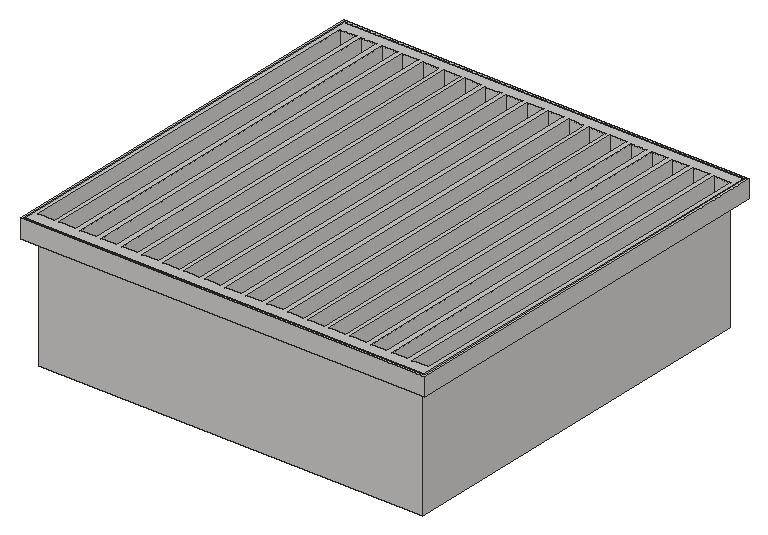
Revit family "Plumbing_Drainage-Zurn-Z1761_Kettle-Drain", category Plumbing Fixtures, Revit 2022
Family settings
  Round Connector Dimension = Use Radius
  Part Type = Normal
  OmniClass Number = 23.45.55.21
  OmniClass Title = Drains (Wastes)
  Work Plane-Based = No
  Always vertical = Yes
  Cut with Voids When Loaded = No
  Maintain Annotation Orientation = No
  Shared = No
  Room Calculation Point = No
Parameters (values of type "Load Family Type Catalog")
  x = 24.33071"
  Waste Connection = 1 = 1  # yes
  WFU = 1  # constant formula
  Vent Connection = 1 = 0  # no
  URL = "www.zurn.com"
  Type Comments = "ZS1761 8 Inch No-Hub Outlet"
  Product data URL = "https://www.bimobject.com/en-in/zurnindustries/product/zurn-z1761"
  Product Page URL = "https://www.zurn.com/products/drainage-interceptors/stainless-drains/stainless-kettle-drains/z1761"
  Product Documentation Link = "https://files.zurn.com/spec-sheets/67168.pdf"
  Pipe Size A (Actual Radius) = 4.313"
  Modified Date = "09/02/2025"  # constant formula
  Model = "Z1761"  # constant formula
  Manufacturer Brand = "Zurn"  # constant formula
  Manufacturer = "Zurn Water, LLC"  # constant formula
  Main Material = Steel - Zurn - Stainless - A.R.E Coated - Type - 304
  HWFU = 0  # constant formula
  HW Connection = 1 = 0  # no
  Grate Open Area = 0.000"
  Grate Material = Steel - Zurn - Stainless - Type - 304
  Description = "24 5/16  [618] SQUARE KETTLE DRAIN W/ 8 [203] SUMP DEPTH"  # constant formula
  Default Elevation = 0.000"
  Date Created = "09/02/2025"  # constant formula
  CWFU = 0  # constant formula
  CW Connection = 1 = 0  # no
  C = 24.01575"
  Assembly Code = "D2030300"
  Approx. Wt. Lbs = 72.000"
  Pipe Size A (Nominal Radius) = [Pipe Size A (Diameter)] / 2  # 4.000"
  Pipe Size A (Diameter) = 8.000"
Reference planes (in)
  plane 1 "Center (Front/Back)": y = 0
  plane 2: z = 0
  plane 3 "Center (Left/Right)": x = 0
  plane 4: x = 12.17188
  plane 5: x = -12.17187
  plane 6: x = 12
  plane 7: x = -12
  plane 8: y = 12.17
  plane 9: y = -12.17
  plane 10: y = -12
  plane 11: y = 12
  plane 12: z = -8
  plane 13: z = -10
  plane 14: z = -1.10937
  plane 15: y = -4
  plane 16: y = 4
  plane 17: x = -4.313
  plane 18: x = 4.313
Forms (in)
  Extrusion 1, solid, material "Steel - Zurn - Stainless - A.R.E Coated - Type - 304" <- "Main Material", detail levels fine
    sketch origin (0, 0, 0) x (1, 0, 0) y (0, 1, 0)
      loop
        line (-12.17187, 12.16535) -> (-12.17187, -12.16535) -> (12.17187, -12.16535) -> (12.17187, 12.16535) -> (-12.17187, 12.16535)
      loop
        line (-12.04724, 12.0426) -> (-12.04724, -12.0426) -> (12.04724, -12.0426) -> (12.04724, 12.0426) -> (-12.04724, 12.0426)
    from -1.10937 to 0
  Extrusion 2, solid, material "Steel - Zurn - Stainless - A.R.E Coated - Type - 304" <- "Main Material", detail levels fine
    sketch origin (0, 0, 0) x (1, 0, 0) y (0, 1, 0)
      loop
        line (-12.17187, 12.16535) -> (-12.17187, -12.16535) -> (12.17187, -12.16535) -> (12.17187, 12.16535) -> (-12.17187, 12.16535)
      loop
        line (-11.3451, 11.34787) -> (-11.3451, -11.34787) -> (11.3451, -11.34787) -> (11.3451, 11.34787) -> (-11.3451, 11.34787)
    from -1.10937 to -1.0303
  Extrusion 3, solid, material "Steel - Zurn - Stainless - A.R.E Coated - Type - 304" <- "Main Material", detail levels fine
    sketch origin (0, 0, 0) x (1, 0, 0) y (0, 1, 0)
      loop
        line (-11.33858, 11.33858) -> (-11.33858, -11.33858) -> (11.33858, -11.33858) -> (11.33858, 11.33858) -> (-11.33858, 11.33858)
      loop
        line (-11.53543, 11.53543) -> (-11.53543, -11.53543) -> (11.53543, -11.53543) -> (11.53543, 11.53543) -> (-11.53543, 11.53543)
    from -8 to -1.0303
  Extrusion 4, solid, material "Steel - Zurn - Stainless - A.R.E Coated - Type - 304" <- "Main Material", detail levels fine
    sketch origin (0, 0, 0) x (1, 0, 0) y (0, 1, 0)
      loop
        line (-11.33858, 11.33858) -> (-11.33858, -11.33858) -> (11.33858, -11.33858) -> (11.33858, 11.33858) -> (-11.33858, 11.33858)
      loop
        circle (0, 0) r 4
    from -8 to -7.925
  Extrusion 5, solid, material "Steel - Zurn - Stainless - A.R.E Coated - Type - 304" <- "Main Material", detail levels fine
    sketch origin (0, 0, 0) x (1, 0, 0) y (0, 1, 0)
      loop
        circle (0, 0) r 4
      loop
        circle (0, 0) r 4.313
    from -10 to -8
Cuts and joins
  joined: Extrusion 1, Extrusion 2, Extrusion 4
Lines and regions (in)
  Masking region 1, detail levels fine
    outline origin (0, 0, 0) x (1, 0, 0) y (0, 1, 0)
      loop
        line (-12.17188, 12.17) -> (-12.17188, -12.17) -> (12.17187, -12.17) -> (12.17187, 12.17) -> (-12.17188, 12.17)
  Masking region 2, detail levels fine
    outline origin (0, 0, 0) x (1, 0, 0) y (0, 1, 0)
      loop
        line (-12.17188, 12.17) -> (-12.17188, -12.17) -> (12.17188, -12.17) -> (12.17188, 12.17) -> (-12.17188, 12.17)
  Masking region 3, detail levels fine
    outline origin (0, 0, 0) x (1, 0, 0) y (0, 1, 0)
      loop
        line (-12.17187, 12.16535) -> (-12.17187, -12.17) -> (12.17187, -12.17) -> (12.17187, 12.16535) -> (-12.17187, 12.16535)
  model lines, detail levels coarse+medium
    curve 1: line (-12.16535, -12.16535, 0) -> (12.16535, -12.16535, 0)
    curve 2: line (-12.16535, 12.16535, 0) -> (-12.16535, -12.16535, 0)
    curve 3: line (12.16535, -12.16535, 0) -> (12.16535, 12.16535, 0)
    curve 4: line (12.16535, 12.16535, 0) -> (-12.16535, 12.16535, 0)
    curve 9: line (0, 0, 0) -> (0, 0, -10)
    curve 18: line (-9.03543, 12, 0) -> (-9.03543, -12, 0)
    curve 19: line (-6.02362, 12, 0) -> (-6.02362, -12, 0)
    curve 20: line (-3.01181, 12, 0) -> (-3.01181, -12, 0)
    curve 21: line (0, 12, 0) -> (0, -12, 0)
    curve 22: line (3.01181, 12, 0) -> (3.01181, -12, 0)
    curve 23: line (6.02362, 12, 0) -> (6.02362, -12, 0)
    curve 24: line (9.03543, 12, 0) -> (9.03543, -12, 0)
    curve 30: line (0, -4, -10) -> (0, 4, -10)
    curve 31: line (-4.313, 0, -10) -> (4.313, 0, -10)
  symbolic lines, detail levels coarse+medium
    curve 5: line (-12.04724, 12.04724, 0) -> (-12.04724, -12.0426, 0)
    curve 6: line (-12.04724, -12.0426, 0) -> (12.04724, -12.0426, 0)
    curve 7: line (12.04724, -12.0426, 0) -> (12.04724, 12.04724, 0)
    curve 8: line (12.04724, 12.04724, 0) -> (-12.04724, 12.04724, 0)
    curve 10: line (-12.17187, 12.17, 0) -> (12.17188, 12.17, 0)
    curve 11: line (-12.17187, -12.17, 0) -> (-12.17187, 12.17, 0)
    curve 12: line (12.17188, -12.17, 0) -> (-12.17187, -12.17, 0)
    curve 13: line (12.17188, 12.17, 0) -> (12.17188, -12.17, 0)
    curve 25: line (0, -12.17, 0) -> (0, 12, 0)
    curve 26: line (0, 0, 0) -> (0, 0, -10)
    curve 27: line (0, -4, -10) -> (0, 4, -10)
    curve 28: line (-12.17188, 0, 0) -> (12.17187, 0, 0)
    curve 29: line (0, 0, 0) -> (0, 0, -10)
    curve 32: line (-4.313, 0, -10) -> (4.313, 0, -10)
  model lines, style "PlumbingFixtures", detail levels coarse+medium
    curve 14: line (-12.00787, 12.00787, 0) -> (12.00787, 12.00787, 0)
    curve 15: line (12.00787, 12.00787, 0) -> (12.00787, -12.00787, 0)
    curve 16: line (12.00787, -12.00787, 0) -> (-12.00787, -12.00787, 0)
    curve 17: line (-12.00787, -12.00787, 0) -> (-12.00787, 12.00787, 0)
Dimensions and locks (in)
  Extrusion 1 sketch curve to Extrusion 1 sketch curve = 0.12276"  (x2)
  Extrusion 1 sketch curve to Extrusion 1 sketch curve = 0.12463"  (x2)
  equal spacing: Extrusion 1 sketch curve, plane 1 "Center (Front/Back)", Extrusion 1 sketch curve
  "x": Extrusion 1 sketch curve to Extrusion 1 sketch curve
  equal spacing: Extrusion 1 sketch curve, plane 3 "Center (Left/Right)", Extrusion 1 sketch curve
  Extrusion 1 sketch curve to Extrusion 1 sketch curve = 24.34375"
  Extrusion 1 to Extrusion 2 sketch curve = 0.82677"
  Extrusion 2 sketch curve to Extrusion 1 = 0.82677"
  Extrusion 1 to Extrusion 2 sketch curve = 0.81748"  (x2)
  equal spacing: plane 7, plane 3 "Center (Left/Right)", plane 6
  plane 7 to plane 6 = 24.000"
  equal spacing: plane 8, plane 1 "Center (Front/Back)", plane 9
  plane 8 to plane 9 = 24.340"
  plane 11 to plane 1 "Center (Front/Back)" to plane 10 = 12.000", 12.000"
  plane 11 to plane 10 = 24.000"
  plane 2 to plane 12 = 8.000"
  locked: plane 12 to plane 13 at 2
  plane 2 to plane 14 = 1.10938"
  plane 4 to plane 5 = 24.34375"
  equal spacing: cut or joined group of Extrusion 1, Extrusion 2, Extrusion 4, curve 18, curve 19, curve 20, curve 21, curve 22, curve 23, curve 24, cut or joined group of Extrusion 1, Extrusion 2, Extrusion 4, locked at 3.01181 each
  "Pipe Size A (Nominal Radius)": plane 15 to plane 1 "Center (Front/Back)"
  "Pipe Size A (Nominal Radius)": plane 1 "Center (Front/Back)" to plane 16
  "Pipe Size A (Actual Radius)": plane 3 "Center (Left/Right)" to plane 17
  "Pipe Size A (Actual Radius)": plane 3 "Center (Left/Right)" to plane 18
  "Pipe Size A (Nominal Radius)": radius of Extrusion 4 sketch curve
  "Pipe Size A (Nominal Radius)": radius of Extrusion 5 sketch curve
  "Pipe Size A (Actual Radius)": radius of Extrusion 5 sketch curve
  aligned and locked: level to plane 2
  aligned and locked: level to Extrusion 1
  aligned and locked: Extrusion 2 to Extrusion 1
  aligned and locked: Masking region 2 sketch curve to Masking region 1  (x4)
  aligned and locked: curve 6 to cut or joined group of Extrusion 1, Extrusion 2, Extrusion 4
  aligned and locked: plane 11 to curve 18
  aligned and locked: plane 11 to curve 19
  aligned and locked: plane 11 to curve 20
  aligned and locked: plane 11 to curve 21
  aligned and locked: plane 11 to curve 22
  aligned and locked: plane 11 to curve 23
  aligned and locked: plane 11 to curve 24
  aligned and locked: plane 10 to curve 18
  aligned and locked: plane 10 to curve 19
  aligned and locked: plane 10 to curve 20
  aligned and locked: plane 10 to curve 21
  aligned and locked: plane 10 to curve 22
  aligned and locked: plane 10 to curve 23
  aligned and locked: plane 10 to curve 24
  aligned and locked: plane 9 to curve 25
  aligned and locked: plane 11 to curve 25
  aligned and locked: curve 25 to level
  aligned and locked: level to curve 26
  aligned and locked: plane 13 to curve 26
  aligned and locked: plane 1 "Center (Front/Back)" to curve 26
  aligned and locked: plane 15 to curve 27
  aligned and locked: plane 16 to curve 27
  aligned and locked: curve 27 to plane 13
  aligned and locked: Extrusion 3 to cut or joined group of Extrusion 1, Extrusion 2, Extrusion 4
  aligned and locked: plane 5 to curve 28
  aligned and locked: plane 4 to curve 28
  aligned and locked: curve 28 to level
  aligned and locked: level to curve 29
  aligned and locked: plane 15 to curve 30
  aligned and locked: plane 16 to curve 30
  aligned and locked: Extrusion 5 to curve 9
  aligned and locked: plane 12 to Extrusion 5
  aligned and locked: plane 17 to curve 31
  aligned and locked: plane 18 to curve 31
  aligned and locked: curve 31 to plane 13
  aligned and locked: plane 17 to curve 32
  aligned and locked: plane 18 to curve 32
  aligned and locked: curve 32 to plane 13
  aligned and locked: Masking region 3 sketch curve to Masking region 1  (x2)
  aligned and locked: plane 1 "Center (Front/Back)" to nested 1
  aligned and locked: plane 3 "Center (Left/Right)" to nested 1
Automatic sketch dimensions
  Extrusion 2 sketch curve to Extrusion 2 sketch curve = 0.82677"  (x2)
  Extrusion 2 sketch curve to Extrusion 2 sketch curve = 0.81748"  (x2)
  Extrusion 3 sketch curve to plane 3 "Center (Left/Right)" = 11.33858"
  Extrusion 3 sketch curve to plane 1 "Center (Front/Back)" = 11.33858"
  plane 1 "Center (Front/Back)" to Extrusion 3 sketch curve = 11.33858"
  plane 3 "Center (Left/Right)" to Extrusion 3 sketch curve = 11.33858"
  Extrusion 3 sketch curve to Extrusion 3 sketch curve = 0.19685"  (x4)
  Masking region 1 sketch curve to plane 3 "Center (Left/Right)" = 12.17188"
  Masking region 1 sketch curve to plane 1 "Center (Front/Back)" = 12.170"
  plane 3 "Center (Left/Right)" to Masking region 1 sketch curve = 12.17187"
  plane 1 "Center (Front/Back)" to Masking region 1 sketch curve = 12.170"
  curve 12 to plane 5 = 0.000"
  curve 10 to plane 4 = 0.000"
  plane 9 to curve 11 = 0.000"
  curve 10 to plane 8 = 0.000"
  plane 5 to curve 2 = 0.00652"
  plane 7 to curve 5 = 0.04724"
  plane 6 to curve 7 = 0.04724"
  curve 4 to plane 4 = 0.00652"
  curve 3 to plane 9 = 0.00465"
  plane 10 to curve 16 = 0.00787"
  plane 11 to curve 15 = 0.00787"
  plane 11 to curve 8 = 0.04724"
  curve 4 to plane 8 = 0.00465"
  plane 10 to curve 5 = 0.0426"
  plane 7 to curve 14 = 0.00787"
  plane 6 to curve 16 = 0.00787"
  curve 30 to plane 13 = 0.000"
  curve 29 to plane 3 "Center (Left/Right)" = 0.000"
  curve 9 to plane 3 "Center (Left/Right)" = 0.000"
  Masking region 3 sketch curve to plane 5 = 0.000"
  Masking region 3 sketch curve to plane 8 = 0.00465"
  plane 1 "Center (Front/Back)" to Extrusion 4 sketch curve = 0.000"
  Extrusion 4 sketch curve to plane 3 "Center (Left/Right)" = 0.000"
  Extrusion 4 sketch curve to plane 7 = 0.66142"
  Extrusion 4 sketch curve to plane 6 = 0.66142"
  Extrusion 4 sketch curve to plane 10 = 0.66142"
  Extrusion 4 sketch curve to plane 11 = 0.66142"
  Extrusion 5 sketch curve to Extrusion 5 sketch curve = 0.000"  (x2)
  plane 1 "Center (Front/Back)" to Extrusion 5 sketch curve = 0.000"
  Extrusion 5 sketch curve to plane 3 "Center (Left/Right)" = 0.000"
Nested families (in)
  nested 1: "Z1761_Kettle Drain " at (0, 0, 0), type "Z1761_Kettle Drain ", detail levels fine
    with Secondary Material Steel - Zurn - Stainless - Type - 304, Product Material Steel - Zurn - Stainless - A.R.E Coated - Type - 304
Connectors (in)
  piping at (0, 0, -10), diameter 8, driven by "Pipe Size A (Nominal Radius)", driven by "Waste Connection"
    settings: on cut or joined group of Extrusion 1, Extrusion 2, Extrusion 4, index 1, connector inside diameter 609.6 mm, connector length 0.000", flow factor 0, pipe flow 0.0 L/s, pressure drop 0.0 Pa, fitting loss kfactor 0, connector angle 0.00°, fixture units 0, engagement length 0.000", angle of deflection 0.00°, flow configuration 0, flow direction 2, fitting loss method 0, system type 16, joint type 0, gender type 0, connector reference index -1, connector utility 1, adjustable connector no, is connector primary yes, connector description "Outlet"
Definition of nested family "Z1761_Kettle Drain "
  Parameters (values of type "Z1761_Kettle Drain ")
    x = 24.33071"
    Secondary Material [instance] = none
    Product Material [instance] = none
    Default Elevation = 0.000"
    C = 24.01575"
    B = A1 + 0.19685"  # 2.19685"
    A1 = A / 2  # 2.000"
    A = 4.000"
  Reference planes (in)
    plane 1 "Center (Front/Back)": y = 0
    plane 2: z = 0
    plane 3 "Center (Left/Right)": x = 0
    plane 4: y = 11.34323
    plane 5: y = -11.34323
    plane 6: x = 12.17188
    plane 7: x = -12.17187
    plane 8: x = 12
    plane 9: x = -12
    plane 10: y = 12.17
    plane 11: y = -12.17
    plane 12: y = -12
    plane 13: y = 12
    plane 14: z = -8
    plane 15: z = -10
    plane 16: z = -1.10937
  Forms (in)
    Extrusion 1, solid, material <- "Product Material"
      sketch origin (0, 0, 0) x (1, 0, 0) y (0, 1, 0)
        loop
          line (-12.17187, 12.16535) -> (-12.17187, -12.16535) -> (12.17187, -12.16535) -> (12.17187, 12.16535) -> (-12.17187, 12.16535)
        loop
          line (-12.04724, 12.0426) -> (-12.04724, -12.0426) -> (12.04724, -12.0426) -> (12.04724, 12.0426) -> (-12.04724, 12.0426)
      from -1.10937 to 0
    Extrusion 2, solid, material <- "Product Material"
      sketch origin (0, 0, 0) x (1, 0, 0) y (0, 1, 0)
        loop
          line (-12.17187, 12.16535) -> (-12.17187, -12.16535) -> (12.17187, -12.16535) -> (12.17187, 12.16535) -> (-12.17187, 12.16535)
        loop
          line (-11.3451, 11.34787) -> (-11.3451, -11.34787) -> (11.3451, -11.34787) -> (11.3451, 11.34787) -> (-11.3451, 11.34787)
      from -1.10937 to -1.0303
    Extrusion 3, solid, material <- "Secondary Material"
      sketch origin (0, 0, 0) x (1, 0, 0) y (0, 1, 0)
        loop
          line (-12.00787, 12.00787) -> (-12.00787, -12.00787) -> (12.00787, -12.00787) -> (12.00787, 12.00787) -> (-12.00787, 12.00787)
        loop
          line (-11.75, 11.34323) -> (-11.75, -11.34323) -> (-10.75, -11.34323) -> (-10.75, 11.34323) -> (-11.75, 11.34323)
        loop
          line (-10.5, 11.34323) -> (-10.5, -11.34323) -> (-9.5, -11.34323) -> (-9.5, 11.34323) -> (-10.5, 11.34323)
        loop
          line (-9.25, 11.34323) -> (-9.25, -11.34323) -> (-8.25, -11.34323) -> (-8.25, 11.34323) -> (-9.25, 11.34323)
        loop
          line (-8, 11.34323) -> (-8, -11.34323) -> (-7, -11.34323) -> (-7, 11.34323) -> (-8, 11.34323)
        loop
          line (-6.75, 11.34323) -> (-6.75, -11.34323) -> (-5.75, -11.34323) -> (-5.75, 11.34323) -> (-6.75, 11.34323)
        loop
          line (-5.5, 11.34323) -> (-5.5, -11.34323) -> (-4.5, -11.34323) -> (-4.5, 11.34323) -> (-5.5, 11.34323)
        loop
          line (-4.25, 11.34323) -> (-4.25, -11.34323) -> (-3.25, -11.34323) -> (-3.25, 11.34323) -> (-4.25, 11.34323)
        loop
          line (-3, 11.34323) -> (-3, -11.34323) -> (-2, -11.34323) -> (-2, 11.34323) -> (-3, 11.34323)
        loop
          line (-1.75, 11.34323) -> (-1.75, -11.34323) -> (-0.75, -11.34323) -> (-0.75, 11.34323) -> (-1.75, 11.34323)
        loop
          line (-0.5, 11.34323) -> (-0.5, -11.34323) -> (0.5, -11.34323) -> (0.5, 11.34323) -> (-0.5, 11.34323)
        loop
          line (11.75, 11.34323) -> (10.75, 11.34323) -> (10.75, -11.34323) -> (11.75, -11.34323) -> (11.75, 11.34323)
        loop
          line (10.5, 11.34323) -> (9.5, 11.34323) -> (9.5, -11.34323) -> (10.5, -11.34323) -> (10.5, 11.34323)
        loop
          line (9.25, 11.34323) -> (8.25, 11.34323) -> (8.25, -11.34323) -> (9.25, -11.34323) -> (9.25, 11.34323)
        loop
          line (8, 11.34323) -> (7, 11.34323) -> (7, -11.34323) -> (8, -11.34323) -> (8, 11.34323)
        loop
          line (6.75, 11.34323) -> (5.75, 11.34323) -> (5.75, -11.34323) -> (6.75, -11.34323) -> (6.75, 11.34323)
        loop
          line (5.5, 11.34323) -> (4.5, 11.34323) -> (4.5, -11.34323) -> (5.5, -11.34323) -> (5.5, 11.34323)
        loop
          line (4.25, 11.34323) -> (3.25, 11.34323) -> (3.25, -11.34323) -> (4.25, -11.34323) -> (4.25, 11.34323)
        loop
          line (3, 11.34323) -> (2, 11.34323) -> (2, -11.34323) -> (3, -11.34323) -> (3, 11.34323)
        loop
          line (1.75, 11.34323) -> (0.75, 11.34323) -> (0.75, -11.34323) -> (1.75, -11.34323) -> (1.75, 11.34323)
      from -1.0303 to 0
  Cuts and joins
    joined: Extrusion 1, Extrusion 2
  Dimensions and locks (in)
    Extrusion 1 sketch curve to Extrusion 1 sketch curve = 0.12276"  (x2)
    Extrusion 1 sketch curve to Extrusion 1 sketch curve = 0.12463"  (x2)
    equal spacing: Extrusion 1 sketch curve, plane 1 "Center (Front/Back)", Extrusion 1 sketch curve
    "x": Extrusion 1 sketch curve to Extrusion 1 sketch curve
    equal spacing: Extrusion 1 sketch curve, plane 3 "Center (Left/Right)", Extrusion 1 sketch curve
    Extrusion 1 sketch curve to Extrusion 1 sketch curve = 24.34375"
    Extrusion 1 to Extrusion 2 sketch curve = 0.82677"
    Extrusion 2 sketch curve to Extrusion 1 = 0.82677"
    Extrusion 1 to Extrusion 2 sketch curve = 0.81748"  (x2)
    equal spacing: Extrusion 3 sketch curve, plane 1 "Center (Front/Back)", Extrusion 3 sketch curve
    "C": Extrusion 3 sketch curve to Extrusion 3 sketch curve  (x2)
    equal spacing: Extrusion 3 sketch curve, plane 3 "Center (Left/Right)", Extrusion 3 sketch curve
    equal spacing: plane 9, plane 3 "Center (Left/Right)", plane 8
    plane 9 to plane 8 = 24.000"
    equal spacing: plane 10, plane 1 "Center (Front/Back)", plane 11
    plane 10 to plane 11 = 24.340"
    plane 13 to plane 1 "Center (Front/Back)" to plane 12 = 12.000", 12.000"
    plane 13 to plane 12 = 24.000"
    plane 2 to plane 14 = 8.000"
    plane 14 to plane 15 = 2.000"
    plane 2 to plane 16 = 1.10938"
    aligned and locked: level to plane 2
    aligned and locked: level to Extrusion 1
    aligned and locked: Extrusion 2 to Extrusion 1
  Automatic sketch dimensions
    Extrusion 2 sketch curve to Extrusion 2 sketch curve = 0.82677"  (x2)
    Extrusion 2 sketch curve to Extrusion 2 sketch curve = 0.81748"  (x2)
    Extrusion 3 sketch curve to plane 4 = 0.000"  (x19)
    Extrusion 3 sketch curve to plane 5 = 0.000"  (x19)
    Extrusion 3 sketch curve to plane 9 = 0.250"
    Extrusion 3 sketch curve to Extrusion 3 sketch curve = 1.000"  (x16)
    Extrusion 3 sketch curve to Extrusion 3 sketch curve = 0.250"  (x18)
    Extrusion 3 sketch curve to plane 3 "Center (Left/Right)" = 0.750"
    plane 3 "Center (Left/Right)" to Extrusion 3 sketch curve = 0.500"
    Extrusion 3 sketch curve to plane 8 = 0.250"
Types in the file's own list only (9): name | x | Type Comments | Pipe Size A (Actual Radius) | Grate Open Area | Grate Material | Default Elevation | C | Approx. Wt. Lbs | Pipe Size A (Nominal Radius) | Pipe Size A (Diameter)
  Z1761-4NH Outlet | 24.331 " | "Z1761 4 Inch No-Hub Outlet" | 2.250 " | 0.000 " | Steel - Zurn - Stainless - Type - 304 | 0.000 " | 24.016 " | 72.000 " | 2.000 " | 4.000 "
  Z1761-6NH Outlet | 24.331 " | "Z1761 6 Inch No-Hub Outlet" | 3.313 " | 0.000 " | Steel - Zurn - Stainless - Type - 304 | 0.000 " | 24.016 " | 72.000 " | 3.000 " | 6.000 "
  Z1761-8NH Outlet | 24.313 " | "Z1761 8 Inch No-Hub Outlet" | 4.313 " | 0.000 " | Steel - Zurn - Stainless - Type - 304 | 0.000 " | 24.000 " | 72.000 " | 4.000 " | 8.000 "
  ZM1761-4NH Outlet | 24.331 " | "ZM1761 4 Inch No-Hub Outlet" | 2.250 " | 0.000 " | Steel - Zurn - Stainless - Type - 316 | 0.000 " | 24.016 " | 72.000 " | 2.000 " | 4.000 "
  ZM1761-6NH Outlet | 24.331 " | "ZM1761 6 Inch No-Hub Outlet" | 3.313 " | 0.000 " | Steel - Zurn - Stainless - Type - 316 | 0.000 " | 24.016 " | 72.000 " | 3.000 " | 6.000 "
  ZM1761-8NH Outlet | 24.331 " | "ZM1761 8 Inch No-Hub Outlet" | 4.313 " | 0.000 " | Steel - Zurn - Stainless - Type - 316 | 0.000 " | 24.016 " | 72.000 " | 4.000 " | 8.000 "
  ZS1761-4NH Outlet | 24.331 " | "ZS1761 4 Inch No-Hub Outlet" | 2.250 " | 0.000 " | Steel - Zurn - Stainless - Type - 304 | 0.000 " | 24.016 " | 72.000 " | 2.000 " | 4.000 "
  ZS1761-6NH Outlet | 24.331 " | "ZS1761 6 Inch No-Hub Outlet" | 3.313 " | 0.000 " | Steel - Zurn - Stainless - Type - 304 | 0.000 " | 24.016 " | 72.000 " | 3.000 " | 6.000 "
  ZS1761-8NH Outlet | 24.331 " | "ZS1761 8 Inch No-Hub Outlet" | 4.313 " | 0.000 " | Steel - Zurn - Stainless - Type - 304 | 0.000 " | 24.016 " | 72.000 " | 4.000 " | 8.000 "
